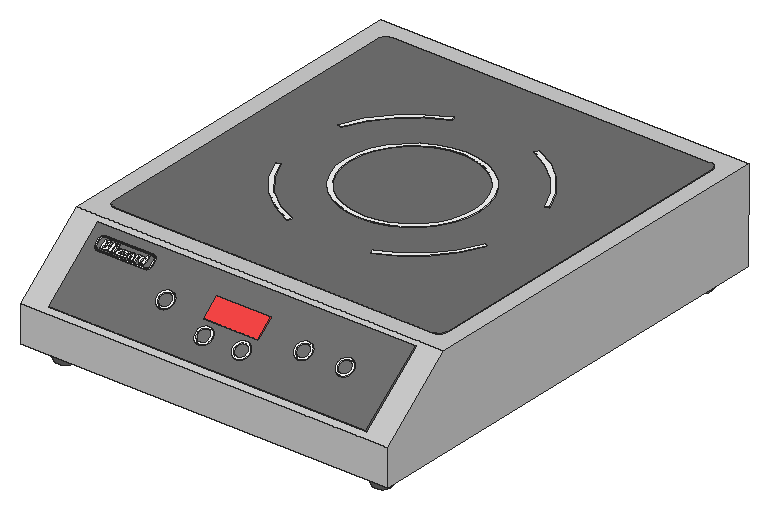
Revit family "QF_BLIZZARD_BSPIH", category Specialty Equipment, Revit 2016
Family settings
  Part Type = Normal
  Round Connector Dimension = Use Diameter
  OmniClass Number = 23.40.40.14
  OmniClass Title = Food Service Equipment
  Work Plane-Based = No
  Always vertical = Yes
  Cut with Voids When Loaded = No
  Shared = No
  Room Calculation Point = No
Parameters (values of type "BSPIH")
  URL = "www.blizzardequipment.com"
  Show Logo [instance] = yes
  Show Clearance [instance] = yes
  Model = "BSPIH"
  Manufacturer = "BLIZZARD"
  Description = "SINGLE INDUCTION HOB FOR STOCK POT 3000W"
  Assembly Code = "E1090320"
Reference planes
  plane 1 "Back": y = 0
  plane 2: z = 0
  plane 3 "Left": x = 0
  plane 4 "Right": x = 440
  plane 5 "Front": y = -540
  plane 6 "Top": z = 130
Forms (mm)
  Extrusion 1, solid
    sketch origin (0, 0, 0) x (0, 1, 0) y (0, 0, 1)
      loop
        line (0, 130) -> (-455.312, 130) -> (-540, 63) -> (-540, 20) -> (0, 20) -> (0, 130)
    from 0 to 440
  Blend 2, solid
    base sketch origin (460.349, -863.214, 1.362) x (-1, 0, 0) y (0, -1, 0)
      loop
        circle (50.349, -353.214) r 10
    top sketch origin (460.349, -863.214, 1.362) x (-1, 0, 0) y (0, -1, 0)
      loop
        circle (50.349, -353.214) r 20
    from -1.362 to 18.638
  Blend 3, solid
    base sketch origin (-20.349, -863.214, 1.362) x (1, 0, 0) y (0, 1, 0)
      loop
        circle (50.349, 353.214) r 10
    top sketch origin (-20.349, -863.214, 1.362) x (1, 0, 0) y (0, 1, 0)
      loop
        circle (50.349, 353.214) r 20
    from -1.362 to 18.638
  Blend 4, solid
    base sketch origin (460.349, 323.214, 1.362) x (-1, 0, 0) y (0, -1, 0)
      loop
        circle (50.349, 353.214) r 10
    top sketch origin (460.349, 323.214, 1.362) x (-1, 0, 0) y (0, -1, 0)
      loop
        circle (50.349, 353.214) r 20
    from -1.362 to 18.638
  Blend 5, solid
    base sketch origin (-20.349, 323.214, 1.362) x (1, 0, 0) y (0, 1, 0)
      loop
        circle (50.349, -353.214) r 10
    top sketch origin (-20.349, 323.214, 1.362) x (1, 0, 0) y (0, 1, 0)
      loop
        circle (50.349, -353.214) r 20
    from -1.362 to 18.638
  Extrusion 6, solid
    sketch origin (0, 0, 128.2) x (1, 0, 0) y (0, 1, 0)
      loop
        arc (30, -20) -> (22.929, -22.929) -> (20, -30) r 10
        line (20, -30) -> (20, -425.312)
        arc (20, -425.312) -> (22.929, -432.384) -> (30, -435.312) r 10
        line (30, -435.312) -> (410, -435.312)
        arc (410, -435.312) -> (417.071, -432.384) -> (420, -425.312) r 10
        line (420, -425.312) -> (420, -30)
        arc (420, -30) -> (417.071, -22.929) -> (410, -20) r 10
        line (410, -20) -> (30, -20)
    from 0 to 2
  Extrusion 7, solid
    sketch origin (0, -352.264, 209.614) x (1, 0, 0) y (0, 0.784245, 0.620451)
      loop
        line (30, -136.712) -> (30, -230.993) -> (410, -230.993) -> (410, -136.712) -> (30, -136.712)
    from 0 to 2
  Extrusion 8, solid
    sketch origin (92.213, -132.174, 383.991) x (1, 0, 0) y (0, 0.784245, 0.620451)
      loop
        circle (47.556, -464.141) r 10
      loop
        circle (47.556, -464.141) r 7.601
    from 0 to 2
  Extrusion 9, solid
    sketch origin (149.971, -147.067, 372.209) x (1, 0, 0) y (0, 0.784245, 0.620451)
      loop
        circle (47.556, -464.141) r 10
      loop
        circle (47.556, -464.141) r 7.601
    from 0 to 2
  Extrusion 10, solid
    sketch origin (194.971, -147.067, 372.209) x (1, 0, 0) y (0, 0.784245, 0.620451)
      loop
        circle (47.556, -464.141) r 10
      loop
        circle (47.556, -464.141) r 7.601
    from 0 to 2
  Extrusion 11, solid
    sketch origin (255.756, -129.952, 385.749) x (1, 0, 0) y (0, 0.784245, 0.620451)
      loop
        circle (47.556, -464.141) r 10
      loop
        circle (47.556, -464.141) r 7.601
    from 0 to 2
  Extrusion 12, solid
    sketch origin (305.756, -129.952, 385.749) x (1, 0, 0) y (0, 0.784245, 0.620451)
      loop
        circle (47.556, -464.141) r 10
      loop
        circle (47.556, -464.141) r 7.601
    from 0 to 2
  Extrusion 13, solid
    sketch origin (172.318, -121.154, 392.71) x (1, 0, 0) y (0, 0.784245, 0.620451)
      loop
        line (15.182, -456.559) -> (15.182, -481.559) -> (80.182, -481.559) -> (80.182, -456.559) -> (15.182, -456.559)
    from 0 to 2
  Extrusion 14, solid
    sketch origin (50, -54, 128.4) x (1, 0, 0) y (0, 1, 0)
      loop
        circle (170, -173.656) r 80
      loop
        circle (170, -173.656) r 75
    from 0 to 2
  Extrusion 15, solid
    sketch origin (50, -54, 128.4) x (1, 0, 0) y (0, 1, 0)
      loop
        arc (48.046, -128.63) -> (76.664, -83.166) -> (121.221, -53.155) r 130
        line (121.221, -53.155) -> (119.345, -48.52)
        arc (119.345, -48.52) -> (73.074, -79.686) -> (43.356, -126.899) r 135
        line (43.356, -126.899) -> (48.046, -128.63)
      loop
        line (291.954, -128.63) -> (296.644, -126.899)
        arc (296.644, -126.899) -> (266.926, -79.686) -> (220.655, -48.52) r 135
        line (220.655, -48.52) -> (218.779, -53.155)
        arc (218.779, -53.155) -> (263.336, -83.166) -> (291.954, -128.63) r 130
      loop
        line (48.046, -218.682) -> (43.356, -220.414)
        arc (43.356, -220.414) -> (73.074, -267.627) -> (119.345, -298.792) r 135
        line (119.345, -298.792) -> (121.221, -294.158)
        arc (121.221, -294.158) -> (76.664, -264.146) -> (48.046, -218.682) r 130
      loop
        arc (291.954, -218.682) -> (263.336, -264.146) -> (218.779, -294.158) r 130
        line (218.779, -294.158) -> (220.655, -298.792)
        arc (220.655, -298.792) -> (266.926, -267.627) -> (296.644, -220.414) r 135
        line (296.644, -220.414) -> (291.954, -218.682)
    from 0 to 2
  Extrusion 16, solid, visible <- "Show Logo"
    sketch origin (16.198, -582.09, 28.043) x (1, 0, 0) y (0, 0.784245, 0.620451)
      loop
        line (30.3, 133.137) -> (36.162, 133.137)
        arc (36.162, 133.137) -> (39.122, 134.994) -> (38.048, 138.319) r 2.844
        arc (38.048, 138.319) -> (38.838, 141.267) -> (36.338, 143.017) r 2.66
        line (36.338, 143.017) -> (31.338, 143.017) -> (30.3, 133.137)
      loop
        line (33.066, 135.126) -> (35.993, 135.126)
        arc (35.993, 135.126) -> (36.943, 136.076) -> (35.993, 137.026) r 0.95
        line (35.993, 137.026) -> (33.066, 137.026) -> (33.066, 135.126)
      loop
        line (33.528, 139.285) -> (36.147, 139.285)
        arc (36.147, 139.285) -> (36.994, 140.133) -> (36.147, 140.98) r 0.847
        line (36.147, 140.98) -> (33.528, 140.98) -> (33.528, 139.285)
      loop
        line (40.306, 133.137) -> (42.874, 133.137) -> (43.912, 143.017) -> (41.344, 143.017) -> (40.306, 133.137)
      loop
        line (45.174, 140.98) -> (47.749, 140.98) -> (47.964, 143.017) -> (45.389, 143.017) -> (45.174, 140.98)
      loop
        line (45.104, 140.313) -> (44.35, 133.137) -> (46.671, 133.137) -> (47.425, 140.313) -> (45.104, 140.313)
      loop
        line (48.314, 138.359) -> (51.196, 138.359) -> (47.765, 134.548) -> (47.765, 133.137) -> (54.184, 133.137) -> (54.393, 135.126) -> (51.213, 135.126) -> (54.657, 138.952) -> (54.657, 140.313) -> (48.519, 140.313) -> (48.314, 138.359)
      loop
        line (55.213, 138.359) -> (58.095, 138.359) -> (54.664, 134.548) -> (54.664, 133.137) -> (61.084, 133.137) -> (61.293, 135.126) -> (58.112, 135.126) -> (61.557, 138.952) -> (61.557, 140.313) -> (55.419, 140.313) -> (55.213, 138.359)
      loop
        arc (64.816, 137.983) -> (65.785, 138.952) -> (66.753, 137.983) r 0.969
        line (66.753, 137.983) -> (64.711, 137.436)
        arc (64.711, 137.436) -> (62.642, 134.297) -> (66.342, 133.633) r 2.251
        line (66.342, 133.633) -> (66.77, 132.921) -> (69.168, 132.921) -> (68.641, 134.052) -> (69.084, 138.274)
        arc (69.084, 138.274) -> (65.782, 140.567) -> (62.514, 138.225) r 3.488
        line (62.514, 138.225) -> (64.816, 137.983)
      loop
        line (69.848, 133.137) -> (72.232, 133.137) -> (72.59, 136.546)
        arc (72.59, 136.546) -> (73.413, 137.974) -> (75.025, 138.32) r 2.029
        line (75.025, 138.32) -> (75.83, 140.313)
        arc (75.83, 140.313) -> (74.279, 140.541) -> (72.927, 139.749) r 2.362
        line (72.927, 139.749) -> (72.927, 140.627) -> (70.635, 140.627) -> (69.848, 133.137)
      loop
        line (82.596, 133.137) -> (83.635, 143.017) -> (81.373, 143.017) -> (81.031, 139.764)
        arc (81.031, 139.764) -> (75.402, 137.124) -> (80.359, 133.372) r 3.631
        line (80.359, 133.372) -> (82.596, 133.137)
      loop
        spline (78.956, 134.82) -> (79.32, 134.851) -> (79.675, 135.016) -> (79.994, 135.304) -> (80.258, 135.695) -> (80.446, 136.164) -> (80.548, 136.677) -> (80.555, 137.2) -> (80.468, 137.697) -> (80.292, 138.134) -> (80.039, 138.483) -> (79.727, 138.718) -> (79.376, 138.823)
        spline (79.376, 138.823) -> (79.011, 138.793) -> (78.657, 138.628) -> (78.338, 138.34) -> (78.074, 137.948) -> (77.886, 137.48) -> (77.784, 136.967) -> (77.777, 136.444) -> (77.864, 135.947) -> (78.04, 135.509) -> (78.293, 135.161) -> (78.605, 134.926) -> (78.956, 134.82)
      loop
        line (66.385, 136.28) -> (64.729, 135.958)
        arc (64.729, 135.958) -> (64.361, 135.233) -> (65.042, 134.788) r 0.609
        arc (65.042, 134.788) -> (66.068, 135.215) -> (66.385, 136.28) r 1.295
      loop
        line (85.459, 146.184) -> (29.578, 146.184)
        arc (29.578, 146.184) -> (25.494, 144.492) -> (23.802, 140.407) r 5.777
        line (23.802, 140.407) -> (23.802, 135.662)
        arc (23.802, 135.662) -> (25.494, 131.578) -> (29.578, 129.886) r 5.777
        line (29.578, 129.886) -> (85.459, 129.886)
        arc (85.459, 129.886) -> (89.544, 131.578) -> (91.236, 135.662) r 5.777
        line (91.236, 135.662) -> (91.236, 140.407)
        arc (91.236, 140.407) -> (89.544, 144.492) -> (85.459, 146.184) r 5.777
      loop
        line (85.459, 145.184) -> (29.578, 145.184)
        arc (29.578, 145.184) -> (26.201, 143.785) -> (24.802, 140.407) r 4.777
        line (24.802, 140.407) -> (24.802, 135.662)
        arc (24.802, 135.662) -> (26.201, 132.285) -> (29.578, 130.886) r 4.777
        line (29.578, 130.886) -> (85.459, 130.886)
        arc (85.459, 130.886) -> (88.837, 132.285) -> (90.236, 135.662) r 4.777
        line (90.236, 135.662) -> (90.236, 140.407)
        arc (90.236, 140.407) -> (88.837, 143.785) -> (85.459, 145.184) r 4.777
    from 0 to 2
Lines and regions (mm)
  reference lines
    curve 1: line (0, -183.475, 1485) -> (0, -697.791, 1021.908)
  symbolic lines, style "200-EquipInternal-2D"
    curve 2: arc (169.345, -102.52, 0) -> (123.074, -133.686, 0) -> (93.356, -180.899, 0) r 135
    curve 3: arc (98.046, -182.63, 0) -> (126.664, -137.166, 0) -> (171.221, -107.155, 0) r 130
    curve 4: line (93.356, -180.899, 0) -> (98.046, -182.63, 0)
    curve 5: line (171.221, -107.155, 0) -> (169.345, -102.52, 0)
    curve 6: arc (268.779, -107.155, 0) -> (313.336, -137.166, 0) -> (341.954, -182.63, 0) r 130
    curve 7: arc (346.644, -180.899, 0) -> (316.926, -133.686, 0) -> (270.655, -102.52, 0) r 135
    curve 8: line (270.655, -102.52, 0) -> (268.779, -107.155, 0)
    curve 9: line (341.954, -182.63, 0) -> (346.644, -180.899, 0)
    curve 10: circle (220, -227.656, 0) r 75 normal (0, 0, -1)
    curve 11: circle (220, -227.656, 0) r 80 normal (0, 0, 1)
    curve 12: arc (169.345, -352.792, 0) -> (123.074, -321.627, 0) -> (93.356, -274.414, 0) r 135
    curve 13: arc (98.046, -272.682, 0) -> (126.664, -318.146, 0) -> (171.221, -348.158, 0) r 130
    curve 14: line (93.356, -274.414, 0) -> (98.046, -272.682, 0)
    curve 15: line (171.221, -348.158, 0) -> (169.345, -352.792, 0)
    curve 16: arc (270.655, -352.792, 0) -> (316.926, -321.627, 0) -> (346.644, -274.414, 0) r 135
    curve 17: arc (341.954, -272.682, 0) -> (313.336, -318.146, 0) -> (268.779, -348.158, 0) r 130
    curve 18: line (346.644, -274.414, 0) -> (341.954, -272.682, 0)
    curve 19: line (268.779, -348.158, 0) -> (270.655, -352.792, 0)
    curve 24: line (0, -455.312, 0) -> (440, -455.312, 0)
    curve 25: line (20, -30, 0) -> (20, -425.312, 0)
    curve 26: line (410, -20, 0) -> (30, -20, 0)
    curve 27: arc (30, -20, 0) -> (22.929, -22.929, 0) -> (20, -30, 0) r 10
    curve 28: arc (420, -30, 0) -> (417.071, -22.929, 0) -> (410, -20, 0) r 10
    curve 29: line (420, -425.312, 0) -> (420, -30, 0)
    curve 30: arc (410, -435.312, 0) -> (417.071, -432.384, 0) -> (420, -425.312, 0) r 10
    curve 31: arc (20, -425.312, 0) -> (22.929, -432.384, 0) -> (30, -435.312, 0) r 10
    curve 32: line (30, -435.312, 0) -> (410, -435.312, 0)
    curve 33: line (30, -460.72, 0) -> (30, -534.66, 0)
    curve 34: line (30, -534.66, 0) -> (410, -534.66, 0)
    curve 35: line (410, -534.66, 0) -> (410, -460.72, 0)
    curve 36: line (410, -460.72, 0) -> (30, -460.72, 0)
    curve 37: line (187.5, -480.448, 0) -> (187.5, -500.055, 0)
    curve 38: line (252.5, -480.448, 0) -> (187.5, -480.448, 0)
    curve 39: line (187.5, -500.055, 0) -> (252.5, -500.055, 0)
    curve 40: line (252.5, -500.055, 0) -> (252.5, -480.448, 0)
    curve 41: spline (149.769, -497.415, 0) -> (149.429, -495.385, 0) -> (148.43, -493.494, 0) -> (146.841, -491.87, 0) -> (144.769, -490.623, 0) -> (142.358, -489.84, 0) -> (139.769, -489.573, 0) -> (137.181, -489.84, 0) -> (134.769, -490.623, 0) -> (132.698, -491.87, 0) -> (131.109, -493.494, 0) -> (130.11, -495.385, 0) -> (129.769, -497.415, 0)
    curve 42: spline (132.168, -497.415, 0) -> (132.427, -495.872, 0) -> (133.187, -494.435, 0) -> (134.395, -493.2, 0) -> (135.969, -492.253, 0) -> (137.802, -491.657, 0) -> (139.769, -491.454, 0) -> (141.737, -491.657, 0) -> (143.57, -492.253, 0) -> (145.144, -493.2, 0) -> (146.352, -494.435, 0) -> (147.111, -495.872, 0) -> (147.37, -497.415, 0)
    curve 43: spline (147.37, -497.415, 0) -> (147.111, -498.958, 0) -> (146.352, -500.396, 0) -> (145.144, -501.63, 0) -> (143.57, -502.578, 0) -> (141.737, -503.173, 0) -> (139.769, -503.376, 0) -> (137.802, -503.173, 0) -> (135.969, -502.578, 0) -> (134.395, -501.63, 0) -> (133.187, -500.396, 0) -> (132.427, -498.958, 0) -> (132.168, -497.415, 0)
    curve 44: spline (129.769, -497.415, 0) -> (130.11, -499.445, 0) -> (131.109, -501.336, 0) -> (132.698, -502.961, 0) -> (134.769, -504.207, 0) -> (137.181, -504.99, 0) -> (139.769, -505.258, 0) -> (142.358, -504.99, 0) -> (144.769, -504.207, 0) -> (146.841, -502.961, 0) -> (148.43, -501.336, 0) -> (149.429, -499.445, 0) -> (149.769, -497.415, 0)
    curve 45: spline (207.527, -512.308, 0) -> (207.187, -510.278, 0) -> (206.188, -508.386, 0) -> (204.598, -506.762, 0) -> (202.527, -505.516, 0) -> (200.116, -504.732, 0) -> (197.527, -504.465, 0) -> (194.939, -504.732, 0) -> (192.527, -505.516, 0) -> (190.456, -506.762, 0) -> (188.867, -508.386, 0) -> (187.868, -510.278, 0) -> (187.527, -512.308, 0)
    curve 46: spline (189.926, -512.308, 0) -> (190.185, -510.765, 0) -> (190.945, -509.327, 0) -> (192.153, -508.093, 0) -> (193.727, -507.145, 0) -> (195.56, -506.55, 0) -> (197.527, -506.347, 0) -> (199.495, -506.55, 0) -> (201.328, -507.145, 0) -> (202.902, -508.093, 0) -> (204.11, -509.327, 0) -> (204.869, -510.765, 0) -> (205.128, -512.308, 0)
    curve 47: spline (205.128, -512.308, 0) -> (204.869, -513.85, 0) -> (204.11, -515.288, 0) -> (202.902, -516.523, 0) -> (201.328, -517.47, 0) -> (199.495, -518.066, 0) -> (197.527, -518.269, 0) -> (195.56, -518.066, 0) -> (193.727, -517.47, 0) -> (192.153, -516.523, 0) -> (190.945, -515.288, 0) -> (190.185, -513.85, 0) -> (189.926, -512.308, 0)
    curve 48: spline (187.527, -512.308, 0) -> (187.868, -514.337, 0) -> (188.867, -516.229, 0) -> (190.456, -517.853, 0) -> (192.527, -519.099, 0) -> (194.939, -519.883, 0) -> (197.527, -520.15, 0) -> (200.116, -519.883, 0) -> (202.527, -519.099, 0) -> (204.598, -517.853, 0) -> (206.188, -516.229, 0) -> (207.187, -514.337, 0) -> (207.527, -512.308, 0)
    curve 49: spline (252.527, -512.308, 0) -> (252.187, -510.278, 0) -> (251.188, -508.386, 0) -> (249.598, -506.762, 0) -> (247.527, -505.516, 0) -> (245.116, -504.732, 0) -> (242.527, -504.465, 0) -> (239.939, -504.732, 0) -> (237.527, -505.516, 0) -> (235.456, -506.762, 0) -> (233.867, -508.386, 0) -> (232.868, -510.278, 0) -> (232.527, -512.308, 0)
    curve 50: spline (234.926, -512.308, 0) -> (235.185, -510.765, 0) -> (235.945, -509.327, 0) -> (237.153, -508.093, 0) -> (238.727, -507.145, 0) -> (240.56, -506.55, 0) -> (242.527, -506.347, 0) -> (244.495, -506.55, 0) -> (246.328, -507.145, 0) -> (247.902, -508.093, 0) -> (249.11, -509.327, 0) -> (249.869, -510.765, 0) -> (250.128, -512.308, 0)
    curve 51: spline (250.128, -512.308, 0) -> (249.869, -513.85, 0) -> (249.11, -515.288, 0) -> (247.902, -516.523, 0) -> (246.328, -517.47, 0) -> (244.495, -518.066, 0) -> (242.527, -518.269, 0) -> (240.56, -518.066, 0) -> (238.727, -517.47, 0) -> (237.153, -516.523, 0) -> (235.945, -515.288, 0) -> (235.185, -513.85, 0) -> (234.926, -512.308, 0)
    curve 52: spline (232.527, -512.308, 0) -> (232.868, -514.337, 0) -> (233.867, -516.229, 0) -> (235.456, -517.853, 0) -> (237.527, -519.099, 0) -> (239.939, -519.883, 0) -> (242.527, -520.15, 0) -> (245.116, -519.883, 0) -> (247.527, -519.099, 0) -> (249.598, -517.853, 0) -> (251.188, -516.229, 0) -> (252.187, -514.337, 0) -> (252.527, -512.308, 0)
    curve 53: spline (313.313, -495.193, 0) -> (312.972, -493.163, 0) -> (311.973, -491.272, 0) -> (310.384, -489.647, 0) -> (308.313, -488.401, 0) -> (305.901, -487.618, 0) -> (303.313, -487.35, 0) -> (300.724, -487.618, 0) -> (298.313, -488.401, 0) -> (296.241, -489.647, 0) -> (294.652, -491.272, 0) -> (293.653, -493.163, 0) -> (293.313, -495.193, 0)
    curve 54: spline (295.712, -495.193, 0) -> (295.971, -493.65, 0) -> (296.73, -492.212, 0) -> (297.938, -490.978, 0) -> (299.512, -490.03, 0) -> (301.345, -489.435, 0) -> (303.313, -489.232, 0) -> (305.28, -489.435, 0) -> (307.113, -490.03, 0) -> (308.687, -490.978, 0) -> (309.895, -492.212, 0) -> (310.655, -493.65, 0) -> (310.914, -495.193, 0)
    curve 55: spline (310.914, -495.193, 0) -> (310.655, -496.736, 0) -> (309.895, -498.173, 0) -> (308.687, -499.408, 0) -> (307.113, -500.355, 0) -> (305.28, -500.951, 0) -> (303.313, -501.154, 0) -> (301.345, -500.951, 0) -> (299.512, -500.355, 0) -> (297.938, -499.408, 0) -> (296.73, -498.173, 0) -> (295.971, -496.736, 0) -> (295.712, -495.193, 0)
    curve 56: spline (293.313, -495.193, 0) -> (293.653, -497.223, 0) -> (294.652, -499.114, 0) -> (296.241, -500.738, 0) -> (298.313, -501.985, 0) -> (300.724, -502.768, 0) -> (303.313, -503.035, 0) -> (305.901, -502.768, 0) -> (308.313, -501.985, 0) -> (310.384, -500.738, 0) -> (311.973, -499.114, 0) -> (312.972, -497.223, 0) -> (313.313, -495.193, 0)
    curve 57: spline (363.313, -495.193, 0) -> (362.972, -493.163, 0) -> (361.973, -491.272, 0) -> (360.384, -489.647, 0) -> (358.313, -488.401, 0) -> (355.901, -487.618, 0) -> (353.313, -487.35, 0) -> (350.724, -487.618, 0) -> (348.313, -488.401, 0) -> (346.241, -489.647, 0) -> (344.652, -491.272, 0) -> (343.653, -493.163, 0) -> (343.313, -495.193, 0)
    curve 58: spline (345.712, -495.193, 0) -> (345.971, -493.65, 0) -> (346.73, -492.212, 0) -> (347.938, -490.978, 0) -> (349.512, -490.03, 0) -> (351.345, -489.435, 0) -> (353.313, -489.232, 0) -> (355.28, -489.435, 0) -> (357.113, -490.03, 0) -> (358.687, -490.978, 0) -> (359.895, -492.212, 0) -> (360.655, -493.65, 0) -> (360.914, -495.193, 0)
    curve 59: spline (360.914, -495.193, 0) -> (360.655, -496.736, 0) -> (359.895, -498.173, 0) -> (358.687, -499.408, 0) -> (357.113, -500.355, 0) -> (355.28, -500.951, 0) -> (353.313, -501.154, 0) -> (351.345, -500.951, 0) -> (349.512, -500.355, 0) -> (347.938, -499.408, 0) -> (346.73, -498.173, 0) -> (345.971, -496.736, 0) -> (345.712, -495.193, 0)
    curve 60: spline (343.313, -495.193, 0) -> (343.653, -497.223, 0) -> (344.652, -499.114, 0) -> (346.241, -500.738, 0) -> (348.313, -501.985, 0) -> (350.724, -502.768, 0) -> (353.313, -503.035, 0) -> (355.901, -502.768, 0) -> (358.313, -501.985, 0) -> (360.384, -500.738, 0) -> (361.973, -499.114, 0) -> (362.972, -497.223, 0) -> (363.313, -495.193, 0)
  symbolic lines, style "200-EquipBorder-2D"
    curve 20: line (0, 0, 0) -> (440, 0, 0)
    curve 21: line (0, -540, 0) -> (0, 0, 0)
    curve 22: line (440, -540, 0) -> (0, -540, 0)
    curve 23: line (440, 0, 0) -> (440, -540, 0)
Dimensions and locks
  plane 3 "Left" to plane 4 "Right" = 440 mm
  plane 5 "Front" to plane 1 "Back" = 540 mm
  plane 1 "Back" to plane 5 "Front" = 540 mm
  plane 4 "Right" to plane 3 "Left" = 440 mm
  plane 6 "Top" to level = 130 mm  (x2)
  aligned and locked: level to plane 2
